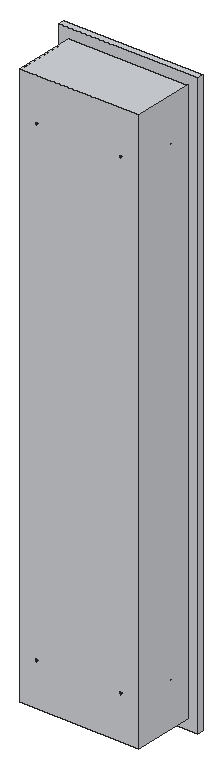
Revit family "AX9233E145_0010", category Appareils sanitaires, Revit 2016
Family settings
  Hôte = Mur
  Type d'élément = Normal
  Cote de connecteur circulaire = Utiliser le diamètre
  Numéro OmniClass = 23.75.00.00
  Titre OmniClass = Climate Control (HVAC)
  Toujours verticalement = Oui
  Couper avec des vides une fois chargée = Non
  Partagée = Non
  Point de calcul de pièce = Non
Parameters (values of type "Type 1")
  URL = "https://www.axeuro.com/fr/combines-2-en-1/25343-combine-distributeur-d-essuie-mains-et-poubelle-ax9233e145.html?search_query=ax9233e145&results=3"
  Modèle = "AX9233E145"  # constant formula
  Matériaux = "\tEn inox 304 (18/10) Bactériostatique"  # constant formula
  Finition = "\tBrossé Poli Satiné HyperPolish"  # constant formula
  Fabricant = "Axeuro"  # constant formula
  Description = "Combiné distributeur d'essuie-mains et poubelle"  # constant formula
Reference planes
  plane 1 "Mur": y = 0
  plane 2 "Centre (gauche/droite)": x = 0
  plane 3 "Arrière": y = 75
  plane 4: z = 0
  plane 5: x = 400
  plane 6: z = 2160
  plane 7: x = -400
Forms (mm)
  Extrusion 1, solid
    sketch origin (-694.809, 76.008, 105.613) x (1, 0, 0) y (0, 0, 1)
      loop
        line (859.809, 1894.65) -> (529.809, 1894.65) -> (529.809, 497.164) -> (859.809, 497.164) -> (859.809, 1894.65)
    from -13.992 to 1.008
  Extrusion 2, solid
    sketch origin (820.378, 76.008, -21.708) x (1, 0, 0) y (0, 0, 1)
      loop
        line (-679.415, 1998.229) -> (-961.378, 1998.229) -> (-961.378, 648.229) -> (-679.415, 648.229) -> (-679.415, 1998.229)
    from 1.008 to 146.008
  Extrusion 3, void
    sketch origin (-18.054, 76.008, -110) x (1, 0, 0) y (0, 0, 1)
      loop
        line (134.919, 1607.895) -> (-98.811, 1607.895)
        arc (-98.811, 1607.895) -> (-104.563, 1605.512) -> (-106.946, 1599.76) r 8.135
        line (-106.946, 1599.76) -> (-106.946, 1366.03)
        arc (-106.946, 1366.03) -> (-104.563, 1360.277) -> (-98.811, 1357.895) r 8.135
        line (-98.811, 1357.895) -> (134.919, 1357.895)
        arc (134.919, 1357.895) -> (140.672, 1360.277) -> (143.054, 1366.03) r 8.135
        line (143.054, 1366.03) -> (143.054, 1599.76)
        arc (143.054, 1599.76) -> (140.672, 1605.512) -> (134.919, 1607.895) r 8.135
    from -28.21 to 15.861
  Extrusion 4, solid
    sketch origin (-15.854, 75, 172.757) x (1, 0, 0) y (0, 0, 1)
      loop
        circle (125.604, 1575.159) r 8.25
    from -15 to -12.919
  Extrusion 5, void
    sketch origin (-18.772, 75, 215.727) x (1, 0, 0) y (0, 0, 1)
      loop
        line (129.522, 1537.139) -> (127.522, 1537.139) -> (127.522, 1527.239) -> (129.522, 1527.239) -> (129.522, 1537.139)
    from -15 to -12.919
  Extrusion 6, solid, not visible
    sketch origin (2.754, 75, -43.399) x (1, 0, 0) y (0, 0, 1)
      loop
        circle (125.604, 1575.159) r 8.25
    from -15 to -12.919
  Extrusion 7, void, not visible
    sketch origin (-0.165, 75, -0.43) x (1, 0, 0) y (0, 0, 1)
      loop
        line (129.522, 1537.139) -> (127.522, 1537.139) -> (127.522, 1527.239) -> (129.522, 1527.239) -> (129.522, 1537.139)
    from -15 to -12.919
  Extrusion 8, solid
    sketch origin (-15.854, 75, -408.131) x (1, 0, 0) y (0, 0, 1)
      loop
        circle (125.604, 1575.159) r 8.25
    from -15 to -12.919
  Extrusion 9, void
    sketch origin (-18.772, 75, -365.162) x (1, 0, 0) y (0, 0, 1)
      loop
        line (129.522, 1537.139) -> (127.522, 1537.139) -> (127.522, 1527.239) -> (129.522, 1527.239) -> (129.522, 1537.139)
    from -15 to -12.919
  Extrusion 10, void
    sketch origin (0, 76.008, 0) x (1, 0, 0) y (0, 0, 1)
      loop
        line (125, 1497.895) -> (-125, 1497.895) -> (-125, 1247.895) -> (125, 1247.895) -> (125, 1497.895)
    from -13.992 to 85.1
  Extrusion 11, void
    sketch origin (0, 3.355, -10.751) x (0, 1, 0) y (0, 0, 1)
      loop
        circle (21.632, 1883.772) r 3
    from 125 to 140.963
  Extrusion 12, void
    sketch origin (0, 76.008, 0) x (1, 0, 0) y (0, 0, 1)
      loop
        line (139.063, 1974.621) -> (-139.1, 1974.621) -> (-139.1, 628.421) -> (139.063, 628.421) -> (139.063, 1974.621)
    from -12.092 to 144.108
  Extrusion 13, void
    sketch origin (1.96, -145, -22.853) x (1, 0, 0) y (0, 0, 1)
      loop
        circle (-101.96, 1895.874) r 3
    from -76.9 to -75
  Extrusion 14, void
    sketch origin (-1.96, -145, -22.853) x (-1, 0, 0) y (0, 0, -1)
      loop
        circle (-101.96, -1895.874) r 3
    from -76.9 to -75
  Extrusion 15, void
    sketch origin (1.96, -145, 2625.894) x (1, 0, 0) y (0, 0, 1)
      loop
        circle (-101.96, -1895.874) r 3
    from -76.9 to -75
  Extrusion 16, void
    sketch origin (-1.96, -145, 2625.894) x (-1, 0, 0) y (0, 0, -1)
      loop
        circle (-101.96, 1895.874) r 3
    from -76.9 to -75
  Extrusion 17, void
    sketch origin (0, 3.355, -1153.751) x (0, 1, 0) y (0, 0, 1)
      loop
        circle (21.632, 1883.772) r 3
    from 125 to 140.963
Cuts and joins
  Extrusion 3, Extrusion 5, Extrusion 9, Extrusion 12, Extrusion 14 cuts Extrusion 1
  Extrusion 3, Extrusion 10, Extrusion 11, Extrusion 12, Extrusion 13, Extrusion 14, Extrusion 15, Extrusion 16, Extrusion 17 cuts Extrusion 2
  Extrusion 5, Extrusion 9 cuts Extrusion 4
  Extrusion 9 cuts Extrusion 8
Lines and regions (mm)
  reference lines
    curve 1: line (-100, 48.735, 0) -> (100, 48.735, 0)
Text (mm)
  text "Côté de la mise en place" at (-1820.995, 1116.779, 0), in view "Niveau de réf."
  text "Côté de la mise en place" at (0, 1334.055, 2976.191), in view "Gauche"
  text "Côté de la mise en place" at (0, 439.194, 2944.362), in view "Droite"
Dimensions and locks
  locked: plane 3 "Arrière" to host wall
  cut or joined group of Extrusion 1, Extrusion 3, Extrusion 5, Extrusion 9, Extrusion 12, Extrusion 14 to cut or joined group of Extrusion 2, Extrusion 3, Extrusion 10, Extrusion 11, Extrusion 12, Extrusion 13, Extrusion 14, Extrusion 15, Extrusion 16, Extrusion 17 = 160 mm
  aligned and locked: plane 1 "Mur" to host wall
  aligned and locked: host sketch curve to plane 7
  aligned and locked: host sketch curve to plane 4
  aligned and locked: host sketch curve to plane 5
  aligned and locked: host sketch curve to plane 6
